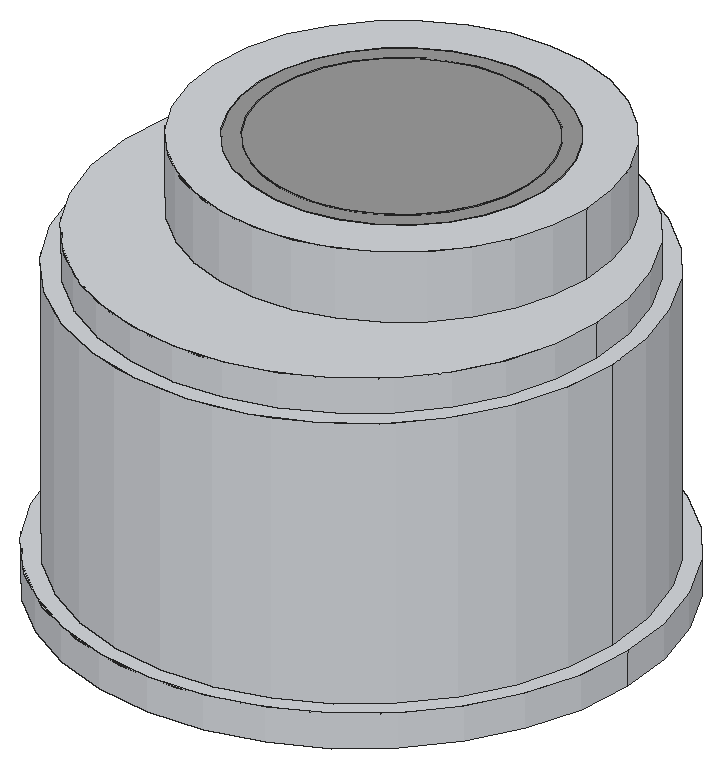
Revit family "（一通末端）1000圆形废水检查井", category 常规模型, Revit 2018
Family settings
  可将钢筋附着到主体 = 否
  圆形连接件大小 = 使用直径
  零件类型 = 标准
  基于工作平面 = 否
  总是垂直 = 是
  加载时剪切的空心 = 否
  共享 = 否
  房间计算点 = 否
Parameters (values of type "废水检查井")
  集水井高度 [instance] = 1200 mm
  附属物 [instance] = ""
  连接码 [instance] = ""
  起点埋深 [instance] = ""
  起点地面标高 [instance] = ""
  起始点号 [instance] = ""
  行X列 [instance] = ""
  终点埋深 [instance] = ""
  终点地面标高 [instance] = ""
  终止点号 [instance] = ""
  线型 [instance] = ""
  类型 [instance] = ""
  管线长度 [instance] = ""
  管径或断面尺寸 [instance] = ""
  电缆根数 [instance] = ""
  电压 [instance] = ""
  特征 [instance] = ""
  物探点号（管点编号） [instance] = ""
  流向 [instance] = ""
  材质 [instance] = none
  权属单位 [instance] = ""
  旋转线长度 = 150 mm
  新旧管线 [instance] = yes
  探测日期 [instance] = ""
  总孔数 [instance] = ""
  已用空孔 [instance] = ""
  左水管高度 [instance] = 270 mm
  左水管半径 [instance] = 150 mm
  套管尺寸（孔径） [instance] = ""
  备注 [instance] = ""
  埋设类型 [instance] = ""
  埋设日期 [instance] = ""
  地面标高 [instance] = ""
  右管拉伸长度 [instance] = 1800 mm
  右管半径 [instance] = 150 mm
  右管偏移角度 [instance] = 160.00°
  右水管高度 [instance] = 270 mm
  井筒高度 [instance] = 200 mm
  井筒 = 混凝土，现场浇注 - C15
  井盖及支座 = 钢 ASTM A242
  井板 = 混凝土，现场浇注 - C15
  井室高度 [instance] = 集水井高度 - 井筒高度 - 100 mm  # 900 mm
  井室 = 混凝土，现场浇注 - C15
  井基 = 混凝土，现场浇注 - C15
  Y坐标 [instance] = ""
  X坐标 [instance] = ""
  90度 = 30.00°
Reference planes
  plane 1 "中心(前/后)": y = 0
  plane 2: z = 0
  plane 3 "中心(左/右)": x = 0
  plane 4: z = 100
  plane 5: z = 900
  plane 6: z = 1200
  plane 7: z = 1000
  plane 8: z = 270
  plane 9: z = 270
Forms (mm)
  Extrusion 1, solid
    sketch origin (0, 0, 0) x (1, 0, 0) y (0, 1, 0)
      loop
        circle (0, 0) r 850
    from 0 to 100
  Extrusion 2, solid
    sketch origin (0, 0, 0) x (1, 0, 0) y (0, 1, 0)
      loop
        circle (0, 0) r 800
      loop
        circle (0, 0) r 500
    from 100 to 900
  Extrusion 3, solid
    sketch origin (0, 0, 0) x (1, 0, 0) y (0, 1, 0)
      loop
        circle (0, 200) r 450
      loop
        circle (0, 0) r 750
    from 900 to 1000
  Extrusion 4, solid
    sketch origin (0, 160, 0) x (1, 0, 0) y (0, 1, 0)
      loop
        circle (0, 0) r 590
      loop
        circle (0, 0) r 450
    from 1000 to 1200
  Sweep 5, solid, material "钢 ASTM A242" <- "井盖及支座"
    path in 3D
      loop
        arc (450, 160, 1000) -> (0, -290, 1000) -> (-450, 160, 1000) r 450
        arc (-450, 160, 1000) -> (0, 610, 1000) -> (450, 160, 1000) r 450
    profile origin (0, 610, 1000) x (0, -1, 0) y (0, 0, -1)
      loop
        line (0, -150) -> (0, -200) -> (50, -200) -> (50, -185) -> (100, -185) -> (100, -170) -> (50, -170) -> (30, -150) -> (0, -150)
  Extrusion 6, solid, material "钢 ASTM A242" <- "井盖及支座"
    sketch origin (0, -160, 0) x (1, 0, 0) y (0, 1, 0)
      loop
        circle (0, 320) r 400
    from 1000 to 1200
  Revolve 7, void
    sketch origin (0, 1530.265, 270) x (0, 1, 0) y (-1, 0, 0)
      loop
        line (-1530.265, 920) -> (-1530.265, 0) -> (-1380.265, 0) -> (-1380.265, 920) -> (-1530.265, 920)
      axis (-1530.265, 0) -> (-1530.265, 920)
    angle from 0 to 360
Cuts and joins
  Revolve 7 cuts Extrusion 2
Lines and regions (mm)
  sketch lines
    curve 1: arc (-450, 160, 1000) -> (0, 610, 1000) -> (450, 160, 1000) r 450
    curve 2: arc (450, 160, 1000) -> (0, -290, 1000) -> (-450, 160, 1000) r 450
  reference lines
    curve 3: line (0, 0, 270) -> (-2900, 0, 270)
    curve 4: line (0, 0, 270) -> (2940, 0, 270)
Dimensions and locks
  "井室高度": plane 5 to plane 2
  plane 7 to plane 5 = 100 mm
  "左水管高度": plane 9 to level
  "左水管半径": Revolve 7 sketch curve to Revolve 7 sketch curve
  "右水管高度": plane 8 to plane 2
  "井筒高度": plane 6 to plane 7
  Extrusion 6 to plane 6 = 0 mm
  Sweep 5 sketch curve to Sweep 5 sketch curve to Sweep 5 sketch curve = 15 mm, 15 mm
  Sweep 5 sketch curve to Sweep 5 sketch curve = 20 mm
  aligned and locked: level to plane 2
  aligned and locked: Extrusion 2 to plane 4
  aligned and locked: Extrusion 3 to plane 5
  aligned and locked: plane 5 to Extrusion 2
  aligned and locked: plane 7 to Extrusion 3
  aligned and locked: plane 6 to Extrusion 4
  aligned and locked: Extrusion 4 to plane 7
  aligned and locked: Extrusion 6 to Extrusion 3
  aligned and locked: Extrusion 4 to Extrusion 6
  aligned and locked: plane 6 to Sweep 5 sketch curve
Automatic sketch dimensions
  plane 1 "中心(前/后)" to Extrusion 1 sketch curve = 0 mm
  Extrusion 1 sketch curve to plane 3 "中心(左/右)" = 0 mm
  Extrusion 2 sketch curve to Extrusion 2 sketch curve = 0 mm  (x2)
  plane 1 "中心(前/后)" to Extrusion 2 sketch curve = 0 mm
  Extrusion 2 sketch curve to plane 3 "中心(左/右)" = 0 mm
  Extrusion 3 sketch curve to Extrusion 3 sketch curve = 0 mm  (x2)
  Extrusion 3 sketch curve to plane 3 "中心(左/右)" = 0 mm  (x2)
  plane 1 "中心(前/后)" to Extrusion 3 sketch curve = 0 mm
  Extrusion 3 sketch curve to plane 1 "中心(前/后)" = 200 mm
  Extrusion 3 sketch curve to plane 3 "中心(左/右)" = 450 mm
  Extrusion 4 sketch curve to Extrusion 4 sketch curve = 0 mm  (x2)
  Extrusion 4 sketch curve to plane 3 "中心(左/右)" = 0 mm
  Extrusion 4 sketch curve to plane 1 "中心(前/后)" = 160 mm
  Sweep 5 sketch curve to profile plane = 0 mm
  Sweep 5 sketch curve to Sweep 5 sketch curve = 30 mm
  Sweep 5 sketch curve to Sweep 5 sketch curve = 50 mm  (x2)
  Sweep 5 sketch curve to Sweep 5 sketch curve = 0 mm
  Extrusion 6 sketch curve to Extrusion 6 sketch curve = 0 mm  (x2)
  Extrusion 6 sketch curve to plane 3 "中心(左/右)" = 0 mm
  Extrusion 6 sketch curve to plane 1 "中心(前/后)" = 160 mm
  Extrusion 6 sketch curve to Extrusion 6 sketch curve = 400 mm
  plane 1 "中心(前/后)" to curve 4 = 0 mm
  curve 4 to plane 3 "中心(左/右)" = 0 mm
  plane 3 "中心(左/右)" to curve 4 = 2940 mm
  curve 3 to plane 1 "中心(前/后)" = 0 mm
  curve 3 to plane 3 "中心(左/右)" = 0 mm
  curve 3 to plane 3 "中心(左/右)" = 2900 mm
  plane 1 "中心(前/后)" to Revolve 7 sketch curve = 0 mm  (x2)
  Revolve 7 sketch curve to plane 3 "中心(左/右)" = 0 mm  (x2)
  Revolve 7 sketch curve to plane 3 "中心(左/右)" = 920 mm
  Revolve 7 sketch curve to Revolve 7 sketch curve = 1980 mm
  radius of Extrusion 1 sketch curve = 850 mm
  radius of Extrusion 2 sketch curve = 800 mm
  radius of Extrusion 2 sketch curve = 500 mm
  radius of Extrusion 3 sketch curve = 750 mm
  radius of Extrusion 4 sketch curve = 590 mm
  radius of Extrusion 4 sketch curve = 450 mm
